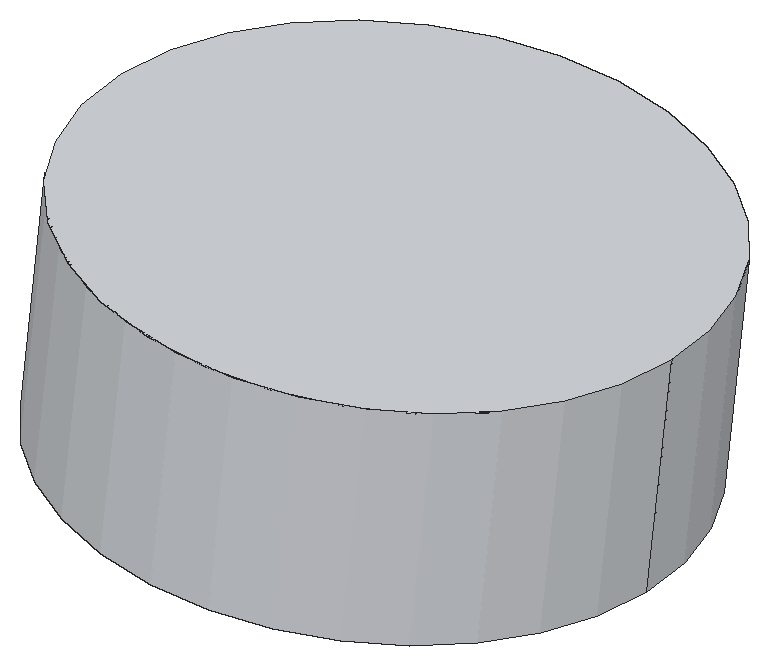
Revit family "JS0177651301CF", category Aparatos sanitarios, Revit 2019
Family settings
  Cota de conector redondo = Diámetro de uso
  Tipo de pieza = Normal
  Número OmniClass = 23.45.00.00
  Título OmniClass = Sanitary, Laundry, and Cleaning Equipment
  Se basa en plano de trabajo = No
  Siempre vertical = Sí
  Corte con vacíos al cargar = No
  Compartido = No
  Punto de cálculo de habitación = No
Parameters (values of type "URINARIO ECOZERO")
  _BRIGGS_Profundidad (cm) = "28.2\r\n38.5"
  _BRIGGS_Ancho (cm) = "34.6"
  _BRIGGS_Alto (cm) = "54.6"
  _BRIGGS_Contacto comercial = "(02) 395 2900"
  _BRIGGS_Tipo de instalación = "Anclado al muro (fijar con carrier)"
  _BRIGGS_Tipo = "simple"
  _BRIGGS_SKU = "JS0177651301CF"
  _BRIGGS_Revisado = "calidad.planos@edesa.com.ec"
  _BRIGGS_Productos necesarios para la instalación = ""
  _BRIGGS_Productos incluidos = "Válvula Key, Llave de servicio, Adaptador y contratuerca, Uñetas, 8 tacos plásticos, 6 tornillos, 2 arandelas metálicas y 2 pernos largos"
  _BRIGGS_Nombre = "URINARIO ECOZERO"
  _BRIGGS_Materiales = "Cerámica Sanitaria"
  _BRIGGS_Marca = "BRIGGS"
  _BRIGGS_Manual de instalación = "https://www.briggs.com.ec/productos/instructivos/Briggs/Sanitarios/Ecozero.pdf"
  _BRIGGS_Garantía = "De por vida en funcionamiento y acabado de la cerámica sanitaria"
  _BRIGGS_Ficha técnica = "https://www.briggs.com.ec/productos/fichastecnicaspdf/Briggs/Sanitarios/Ecozero.pdf"
  _BRIGGS_Distancia de instalacion = ""
  _BRIGGS_Descripcion = "Urinario instalado a la pared. No necesita agua. Incluye uñetas, spud y flange de urinario. Incñuye Válvula Key, Llave de servicio, Adaptador y contratuerca, Uñetas, 8 tacos plásticos, 6 tornillos, 2 arandelas metálicas y 2 pernos largos"
  _BRIGGS_Cumple normativa ADA = ""
  _BRIGGS_Consumo de agua = ""
  _BRIGGS_Consuma/Capacidad = ""
  _BRIGGS_Conexión hidráulica = "Salida de agua: tubería PVC 50"
  _BRIGGS_Colores/Acabado = "blanco"
  _BRIGGS_Certificación = "Cumple con norma NTE INEN 3082"
  _BRIGGS_Categoria = "Productos > Sanitarios > Institucional"
  _BRIGGS_Peso (Kg) = "11.8 kg"
  _BRIGGS_Autor BIM = "Ing. Edwin Cahuatijo"
  _BRIGGS_ BIM Manager = "http://www1.veraquintana.net/_sitevq/"
  Uniformat II Description = ""
  Omniclass Code = "23.45.00.00"
  Diámetro agua sanitaria = 50 mm
  Diámetro agua fría = 12.7 mm
Reference planes
  plane 1 "Centro (Frontal/Posterior)": y = 0
  plane 2: z = 0
  plane 3 "Centro (Izquierda/Derecha)": x = 0
Forms (mm)
  Extrusion 1, solid
    sketch origin (123.849, 74.229, 540.809) x (0.993452, 0, -0.114253) y (0, 1, 0)
      loop
        circle (-31.538, 17.556) r 12.7
    from 0 to 10
Dimensions and locks
  aligned and locked: level to plane 2
Connectors
  piping at (54.374, 47.97, 81.913), diameter 50, driven by "Diámetro agua sanitaria"
    settings: on import instance, index 1, connector inside diameter 609.6 mm, connector length 0 mm, flow factor 0, pipe flow 0.0 L/s, pressure drop 0.0 Pa, fitting loss kfactor 0, connector angle 0.00°, fixture units 0, engagement length 0 mm, angle of deflection 0.00°, flow configuration 0, flow direction 0, fitting loss method 0, system type 7, joint type 0, gender type 0, connector reference index -1, connector utility 0, adjustable connector no, is connector primary yes, connector description ""
  piping at (93.66, 91.785, 554.347), diameter 12.7, driven by "Diámetro agua fría"
    settings: on Extrusion 1, index 2, connector inside diameter 609.6 mm, connector length 0 mm, flow factor 0, pipe flow 0.0 L/s, pressure drop 0.0 Pa, fitting loss kfactor 0, connector angle 0.00°, fixture units 0, engagement length 0 mm, angle of deflection 0.00°, flow configuration 0, flow direction 0, fitting loss method 0, system type 7, joint type 0, gender type 0, connector reference index -1, connector utility 0, adjustable connector no, is connector primary no, connector description ""
